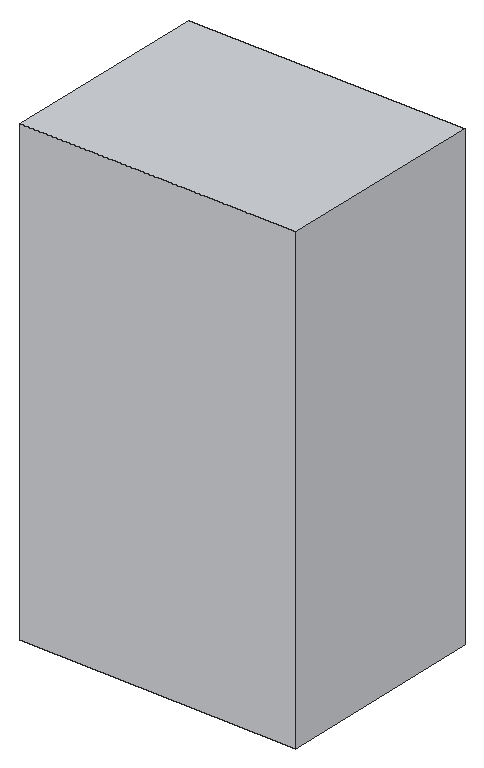
Revit family
Parameters
  Warranty Duration (Years) = 0
  Unit Length [instance] = 1' - 6"
  URL = "http://www.americanspecialties.com/viewCategories.cfm"
  Body Material = Metal - Stainless Steel
  Trim Material = Metal - Stainless Steel
  Test Data = ""
  Specification = "http://www.arcat.com/sdspecs/htm/10810asi.htm"
  SpecWizard = ""
  Send Message = "http://www.arcat.com/users.pl?action=UserEmail&company=American%20Specialties,%20Inc.&coid=30448&rep=139&fax=914-476-0688&mf="
  Sales Information = "http://www.americanspecialties.com/contact"
  Revision = "R1_10-2010"
  Product Properties = "http://www.americanspecialties.com/datasheets/0755-ZA.pdf"
  Product Data = "http://www.arcat.com/arcatcos/cos30/arc30448.html"
  Model = "As Specified in 10 28 13"
  Manufacturer Website = "http://www.americanspecialties.com/viewCategories.cfm"
  Manufacturer Phone - Toll Free = ""
  Manufacturer Phone = "914-476-9000 "
  Manufacturer Fax = "914-476-0688"
  Manufacturer Address = "441 Saw Mill River Rd., Yonkers, NY 10701"
  Manufacturer = "American Specialties, Inc."
  Maintenance Schedule (Months) = 0
  Keynote = "10 28 13"
  Installation-Fabrication = "http://www.americanspecialties.com/products.cfm"
  Green Building-LEED = ""
  Expected Lifespan (Years) = 0
  Drawn By = "Robert S. Weygant. CSI, CDT, SCIP"  # constant formula
  Description = "Toilet Accessory as Specified in 10 28 13"
  Default Elevation = 4' - 0"
  Copyright = "©Arcat Inc."
  Construction Details = "http://www.arcat.com/green/clients/leed_data_30448.html"
  Building Codes = "http://www.americanspecialties.com/products.cfm"
  Assembly Code = "C1030210"
Reference planes (in)
  plane 1 "Center (Front/Back)": y = -0.29112
  plane 2 "Floor Line": z = 0
  plane 3 "Center (Left/Right)": x = -0.65843
  plane 4: z = 0.4375
  plane 5: z = 1.1875
  plane 6: y = 0.42763
  plane 7: y = -1.00987
  plane 8: z = 2.75
  plane 9: x = -9.65843
  plane 10: x = 8.34157
  plane 11: z = 1.98574
  plane 12: x = -10.68968
  plane 13: x = -8.62718
  plane 14: x = 7.31032
  plane 15: x = 9.37282
Forms (in)
  Extrusion 1, solid
    sketch origin (-3, -9, -6) x (0, 0, -1) y (1, 0, 0)
      loop
        line (-82, 26) -> (-82, -19.34712) -> (-6, -19.34712) -> (-6, 26) -> (-82, 26)
    from 9 to -25.60721
  Extrusion 2, solid, material "Metal - Stainless Steel" <- "Body Material"
    sketch origin (-0.0625, 0, 0) x (1, 0, 0) y (0, 1, 0)
      loop
        line (-9.72093, 0.20888) -> (-9.72093, -0.79112) -> (-9.47093, -0.79112) -> (-9.47093, 0.20888) -> (-9.72093, 0.20888)
    from 1.1875 to 1.98574
  Extrusion 3, solid, material "Metal - Stainless Steel" <- "Body Material"
    sketch origin (-0.0625, -0.29112, 0) x (1, 0, 0) y (0, 0, 1)
      loop
        arc (-9.00218, 0.4375) -> (-9.29436, 0.77637) -> (-9.47093, 1.1875) r 1.46859
        line (-9.47093, 1.1875) -> (-9.72093, 1.1875)
        arc (-9.72093, 1.1875) -> (-9.89751, 0.77637) -> (-10.18968, 0.4375) r 1.46859
        line (-10.18968, 0.4375) -> (-9.00218, 0.4375)
    from -0.71875 to 0.71875
  Extrusion 4, solid, material "Metal - Stainless Steel" <- "Body Material"
    sketch origin (-1.25437, 0, 0) x (-1, 0, 0) y (0, -1, 0)
      loop
        line (-9.72093, -0.20888) -> (-9.47093, -0.20888) -> (-9.47093, 0.79112) -> (-9.72093, 0.79112) -> (-9.72093, -0.20888)
    from 1.1875 to 1.98574
  Extrusion 5, solid, material "Metal - Stainless Steel" <- "Body Material"
    sketch origin (0, -0.29112, -0.09202) x (1, 0, 0) y (0, 0, 1)
      loop
        line (-9.78343, 2.07775) -> (-9.53343, 2.07775) -> (-9.53343, 2.33562) -> (-9.48507, 2.33562) -> (-9.48507, 3.34841) -> (-9.78343, 3.34841) -> (-9.78343, 2.07775)
    from -0.5 to 0.5
  Extrusion 6, solid, material "Metal - Stainless Steel" <- "Body Material"
    sketch origin (-1.31687, -0.29112, -0.09202) x (-1, 0, 0) y (0, 0, -1)
      loop
        line (-9.78343, -1.98574) -> (-9.78343, -3.34841) -> (-9.48507, -3.34841) -> (-9.48507, -2.33562) -> (-9.53343, -2.33562) -> (-9.53343, -1.98574) -> (-9.78343, -1.98574)
    from -0.5 to 0.5
  Extrusion 7, solid, material "Metal - Stainless Steel" <- "Body Material"
    sketch origin (-0.65843, 0, -0.09202) x (0, 1, 0) y (0, 0, 1)
      loop
        circle (-0.29112, 2.84202) r 0.375
    from -9 to 9
  Extrusion 8, void
    sketch origin (-0.65843, 0, 0) x (0, 1, 0) y (0, 0, 1)
      loop
        line (0.42763, 0.4375) -> (0.51367, 1.26917) -> (0.20888, 1.1875)
        arc (0.20888, 1.1875) -> (0.27302, 0.7993) -> (0.42763, 0.4375) r 1.64249
    from -10.03125 to 10.03125
  Extrusion 9, void
    sketch origin (-0.65843, -0.58223, 0) x (0, -1, 0) y (0, 0, -1)
      loop
        arc (0.42763, -0.4375) -> (0.27302, -0.7993) -> (0.20888, -1.1875) r 1.64249
        line (0.20888, -1.1875) -> (0.51367, -1.26917) -> (0.42763, -0.4375)
    from -10.03125 to 10.03125
  Extrusion 10, solid, material "Metal - Stainless Steel" <- "Body Material"
    sketch origin (0, -0.29112, 0) x (1, 0, 0) y (0, 0, 1)
      loop
        arc (-10.25218, 0.4375) -> (-10.56154, 0.30936) -> (-10.68968, 0) r 0.4375
        line (-10.68968, 0) -> (-8.62714, 0)
        arc (-8.62714, 0) -> (-8.75528, 0.30936) -> (-9.06464, 0.4375) r 0.4375
        line (-9.06464, 0.4375) -> (-10.25218, 0.4375)
    from -0.71875 to 0.71875
  Extrusion 11, solid, material "Metal - Stainless Steel" <- "Body Material"
    sketch origin (-1.25437, -0.29112, 0) x (-1, 0, 0) y (0, 0, -1)
      loop
        line (-9.00218, -0.4375) -> (-10.18968, -0.4375)
        arc (-10.18968, -0.4375) -> (-9.89751, -0.77637) -> (-9.72093, -1.1875) r 1.46859
        line (-9.72093, -1.1875) -> (-9.47093, -1.1875)
        arc (-9.47093, -1.1875) -> (-9.29436, -0.77637) -> (-9.00218, -0.4375) r 1.46859
    from -0.71875 to 0.71875
  Extrusion 12, solid, material "Metal - Stainless Steel" <- "Body Material"
    sketch origin (-1.31687, -0.29112, 0) x (-1, 0, 0) y (0, 0, -1)
      loop
        line (-10.25218, -0.4375) -> (-9.06464, -0.4375)
        arc (-9.06464, -0.4375) -> (-8.75528, -0.30936) -> (-8.62714, 0) r 0.4375
        line (-8.62714, 0) -> (-10.68968, 0)
        arc (-10.68968, 0) -> (-10.56154, -0.30936) -> (-10.25218, -0.4375) r 0.4375
    from -0.71875 to 0.71875
Cuts and joins
  Extrusion 8, Extrusion 9 cuts Extrusion 4
  Extrusion 8, Extrusion 9 cuts Extrusion 6
  joined: Extrusion 4, Extrusion 6
  Extrusion 8, Extrusion 9 cuts Extrusion 3
  joined: Extrusion 3, Extrusion 5
  Extrusion 8, Extrusion 9 cuts Extrusion 11
Dimensions and locks (in)
  equal spacing: plane 9, plane 3 "Center (Left/Right)", plane 10
  "Unit Length": plane 9 to plane 10
  locked: plane 12 to plane 9 at 1.03125
  locked: plane 9 to plane 13 at 1.03125
  locked: plane 14 to plane 10 at 1.03125
  locked: plane 10 to plane 15 at 1.03125
  aligned and locked: Extrusion 2 to plane 5
  aligned and locked: cut or joined group of Extrusion 4, Extrusion 6, Extrusion 8, Extrusion 9 to plane 11
  aligned and locked: Extrusion 2 to plane 11
  aligned and locked: Extrusion 5 to Extrusion 2  (x2)
  aligned and locked: Extrusion 7 to plane 9
  aligned and locked: plane 10 to Extrusion 7
  aligned and locked: plane 11 to Extrusion 5
  aligned and locked: cut or joined group of Extrusion 3, Extrusion 5, Extrusion 8, Extrusion 9 to Extrusion 10 sketch curve
  aligned and locked: Extrusion 10 to plane 6
  aligned and locked: plane 7 to Extrusion 10
  aligned and locked: Extrusion 12 to plane 6
  aligned and locked: plane 7 to Extrusion 12
  aligned and locked: Extrusion 9 to Extrusion 8  (x2)
  aligned and locked: Extrusion 8 to plane 15
  aligned and locked: Extrusion 8 to plane 12
Automatic sketch dimensions
  Extrusion 1 sketch curve to Extrusion 1 sketch curve = 6' - 4"
  Extrusion 1 sketch curve to Extrusion 1 sketch curve = 3' - 9.34712"
  Extrusion 2 sketch curve to plane 9 = 0' - 0 1/8"
  plane 9 to Extrusion 2 sketch curve = 0' - 0 1/8"
  Extrusion 2 sketch curve to plane 7 = 0' - 0 7/32"
  plane 6 to Extrusion 2 sketch curve = 0' - 0 7/32"
  Extrusion 3 sketch curve to plane 4 = 0' - 0"
  Extrusion 3 sketch curve to plane 5 = 0' - 0"
  Extrusion 3 sketch curve to plane 12 = 0' - 0.51568"
  plane 12 to Extrusion 3 sketch curve = 0' - 0 7/16"
  Extrusion 3 sketch curve to plane 9 = 0' - 0 1/8"
  plane 9 to Extrusion 3 sketch curve = 0' - 0 1/8"
  plane 9 to Extrusion 3 sketch curve = 0' - 0 19/32"
  plane 5 to Extrusion 3 sketch curve = 0' - 0.36722"
  Extrusion 4 sketch curve to plane 10 = 0' - 0 1/8"
  plane 10 to Extrusion 4 sketch curve = 0' - 0 1/8"
  plane 7 to Extrusion 4 sketch curve = 0' - 0 7/32"
  Extrusion 4 sketch curve to plane 6 = 0' - 0 7/32"
  Extrusion 5 sketch curve to plane 11 = 0' - 0"
  Extrusion 5 sketch curve to plane 9 = 0' - 0 1/8"
  plane 9 to Extrusion 5 sketch curve = 0' - 0 1/8"
  plane 9 to Extrusion 5 sketch curve = 0' - 0.17337"
  Extrusion 5 sketch curve to plane 11 = 0' - 0.25787"
  plane 8 to Extrusion 5 sketch curve = 0' - 0.5064"
  Extrusion 6 sketch curve to plane 10 = 0' - 0 1/8"
  plane 10 to Extrusion 6 sketch curve = 0' - 0 1/8"
  plane 10 to Extrusion 6 sketch curve = 0' - 0.17337"
  Extrusion 6 sketch curve to plane 11 = 0' - 0.09202"
  plane 11 to Extrusion 6 sketch curve = 0' - 0.25787"
  Extrusion 6 sketch curve to plane 8 = 0' - 0.5064"
  Extrusion 7 sketch curve to plane 1 "Center (Front/Back)" = 0' - 0"
  Extrusion 7 sketch curve to plane 8 = 0' - 0"
  Extrusion 8 sketch curve to plane 5 = 0' - 0"
  Extrusion 8 sketch curve to plane 4 = 0' - 0"
  Extrusion 8 sketch curve to plane 6 = 0' - 0"
  Extrusion 8 sketch curve to plane 1 "Center (Front/Back)" = 0' - 0 1/2"
  Extrusion 8 sketch curve to plane 6 = 0' - 0.08603"
  plane 5 to Extrusion 8 sketch curve = 0' - 0.0717"
  plane 5 to Extrusion 8 sketch curve = 0' - 0.08167"
  Extrusion 9 sketch curve to plane 5 = 0' - 0"
  Extrusion 9 sketch curve to plane 4 = 0' - 0"
  Extrusion 9 sketch curve to plane 7 = 0' - 0"
  Extrusion 9 sketch curve to plane 1 "Center (Front/Back)" = 0' - 0 1/2"
  Extrusion 9 sketch curve to plane 7 = 0' - 0.08603"
  Extrusion 9 sketch curve to plane 5 = 0' - 0.0717"
  Extrusion 9 sketch curve to plane 5 = 0' - 0.08167"
  Extrusion 10 sketch curve to level = 0' - 0"  (x2)
  Extrusion 10 sketch curve to plane 12 = 0' - 0"  (x2)
  plane 13 to Extrusion 10 sketch curve = 0' - 0.43746"
  Extrusion 11 sketch curve to plane 4 = 0' - 0"
  Extrusion 11 sketch curve to plane 5 = 0' - 0"
  plane 15 to Extrusion 11 sketch curve = 0' - 0.51568"
  Extrusion 11 sketch curve to plane 15 = 0' - 0 7/16"
  Extrusion 11 sketch curve to plane 10 = 0' - 0 1/8"
  plane 10 to Extrusion 11 sketch curve = 0' - 0 1/8"
  plane 10 to Extrusion 11 sketch curve = 0' - 0 19/32"
  Extrusion 11 sketch curve to plane 5 = 0' - 0.36722"
  Extrusion 12 sketch curve to level = 0' - 0"  (x2)
  Extrusion 12 sketch curve to plane 15 = 0' - 0"  (x2)
  Extrusion 12 sketch curve to plane 4 = 0' - 0"
  Extrusion 12 sketch curve to plane 14 = 0' - 0.43746"
  radius of Extrusion 7 sketch curve = 0' - 0 3/8"
